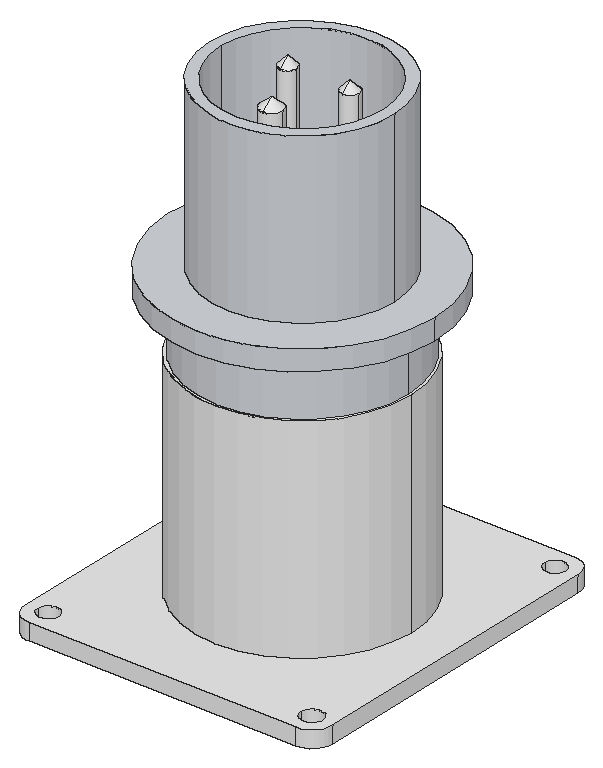
Revit family "Building-ConnessioniIEC309-GEWISS-IEC309HP-SPINE_FISSE_INC_DIRITTE_16A_IP44", category Apparecchi elettrici, host Superficie, Revit 2019
Family settings
  Host = Superficie
  Mantenere orientamento annotazione = Sì
  Quota connettore circolare = Usa diametro
  Tipo di parte = Normale
  Taglio con vuoti quando caricato = No
  Condiviso = Sì
  Punto di calcolo locali = Sì
Parameters (values of type "GW60211 - SPINA FISSA PROT.3P+N+T 16A 500V 7H")
  simbolo acceso [instance] = yes
  distanza_simbolo [instance] = 1 mm
  distanza dal piano [instance] = 10 mm
  W = 115 mm  # constant formula
  Voltaggio = 0 V
  Versione file RFA = "21.11"
  URL = "https://www.gewiss.com/it/it"
  Tipologia = "Spina fissa da incasso diritta"
  Tipo Cablaggio = "A vite"
  Termopressione con biglia = "125 °C (Parti attive) - 80 °C (Parti passive)"
  Tensione nominale = "480-500V"
  Temperatura di utilizzo = "-25 +55 °C"
  Spostamento_effettivo_S [instance] = 4000 mm - Spostamento_S  # 2680 mm
  Spostamento_S = 1320 mm
  Sovraccarico ammissibile = "22A"
  Scheda Tecnica = "https://www.gewiss.com/it/it/search?q=GW60211"
  SPinotto = Default(2)
  SEO = "Spina"
  Riferimento h = "7"
  Resistenza di isolamento = "- 10 M?"
  Resistenza agli urti = "IK08"
  Default Elevation = 1219.2 mm
  Produttore = "GEWISS S.p.A."
  Potere d'interruzione a 1,1 Un = "20A"
  Piastra = Default(2)
  N.poli = 1
  N. poli = "3P+N+T"
  N. Manovre complessive = "-5000"
  Modello = "GW60211"
  L = 155 mm  # constant formula
  Immagine tipo = (empty or 0)
  IDT = "f90ea912fd9a455ca9f627dd4e414456"
  IDF = "d881dd16-2988-4100-94aa-a5f547e0bd64"
  Grado di protezione = "IP44"
  Glow wire test: = "850 °C (Parti attive) - 650 °C (Parti passive)"
  Frequenza = "50/60 Hz"
  FORMULA = 1000 mm * 1  # 1000 mm
  Dimensioni flangia (mm) = "85x75"
  Descrizione = "SPINA FISSA PROT.3P+N+T 16A 500V 7H"
  Creato da GEWISS S.p.A. = ""
  Corrente nominale (A) = "16"
  Corpo centrale = Default(2)
  Colore: = "Nero"
  Codice Electrocod = "2230"
  Catalogo = "BUILDING"
  CapacitÃ  serraggio morsetti = "1-2,5 mm² cavi flessibili - 1,5-4 mm² cavi rigidi"
  COBie.Tagnumber = ""
  COBie.CreatedOn = ""
  COBie.CreatebBy = ""
  COBie.ComponentRegisterItemID = ""
  COBie.Component.TagNumber = ""
  COBie.Component.Space = ""
  COBie.Component.SerialNumber = ""
  COBie.Component.InstallationDate = ""
  COBie.Component.Description = ""
  COBie.Component.BarCode = ""
  BLOCCO = "B=C"
Types (11, lengths in mm): name | Tensione nominale | Scheda Tecnica | Riferimento h | N. poli | Modello | IDT | Descrizione | Colore:
  GW60201 - SPINA FISSA PROT.2P+T 16A 110V 4H | "100-130V" | "https://www.gewiss.com/it/it/search?q=GW60201" | "4" | "2P+T" | "GW60201" | "66921f32a80c43e4ab86c43f8cfce8a6" | "SPINA FISSA PROT.2P+T 16A 110V 4H" | "Giallo"
  GW60202 - SPINA FISSA PROT.3P+T 16A 110V 4H | "100-130V" | "https://www.gewiss.com/it/it/search?q=GW60202" | "4" | "3P+T" | "GW60202" | "a0a36d366dbc4436b994848e3781f962" | "SPINA FISSA PROT.3P+T 16A 110V 4H" | "Giallo"
  GW60203 - SPINA FISSA PROT.3P+N+T 16A 110V 4H | "100-130V" | "https://www.gewiss.com/it/it/search?q=GW60203" | "4" | "3P+N+T" | "GW60203" | "5c9330dddabb4daab0840838973c3d08" | "SPINA FISSA PROT.3P+N+T 16A 110V 4H" | "Giallo"
  GW60204 - SPINA FISSA PROT.2P+T 16A 230V 6H | "200-250V" | "https://www.gewiss.com/it/it/search?q=GW60204" | "6" | "2P+T" | "GW60204" | "8847835e131b4b378db3df7ed1930e0b" | "SPINA FISSA PROT.2P+T 16A 230V 6H" | "Blu"
  GW60205 - SPINA FISSA PROT.3P+T 16A 230V 9H | "200-250V" | "https://www.gewiss.com/it/it/search?q=GW60205" | "9" | "3P+T" | "GW60205" | "399ae8d0433548999c1dbb0b2a51ee40" | "SPINA FISSA PROT.3P+T 16A 230V 9H" | "Blu"
  GW60206 - SPINA FISSA PROT.3P+N+T 16A 230V 9H | "200-250V" | "https://www.gewiss.com/it/it/search?q=GW60206" | "9" | "3P+N+T" | "GW60206" | "3c615a08638e44f4b38c0345a4f63ccd" | "SPINA FISSA PROT.3P+N+T 16A 230V 9H" | "Blu"
  GW60207 - SPINA FISSA PROT.2P+T 16A 400V 9H | "380-415V" | "https://www.gewiss.com/it/it/search?q=GW60207" | "9" | "2P+T" | "GW60207" | "9e54354081dd40f18142ed2321ecc1d1" | "SPINA FISSA PROT.2P+T 16A 400V 9H" | "Rosso"
  GW60208 - SPINA FISSA PROT.3P+T 16A 400V 6H | "380-415V" | "https://www.gewiss.com/it/it/search?q=GW60208" | "6" | "3P+T" | "GW60208" | "762c58ba006948ca9edf81a3a7157c25" | "SPINA FISSA PROT.3P+T 16A 400V 6H" | "Rosso"
  GW60209 - SPINA FISSA PROT.3P+N+T 16A 400V 6H | "380-415V" | "https://www.gewiss.com/it/it/search?q=GW60209" | "6" | "3P+N+T" | "GW60209" | "a015df2d1633490aaff073fffcf2db89" | "SPINA FISSA PROT.3P+N+T 16A 400V 6H" | "Rosso"
  GW60210 - SPINA FISSA PROT.3P+T 16A 500V 7H | "480-500V" | "https://www.gewiss.com/it/it/search?q=GW60210" | "7" | "3P+T" | "GW60210" | "0f713536ec184f059aac505932125ac8" | "SPINA FISSA PROT.3P+T 16A 500V 7H" | "Nero"
  GW60211 - SPINA FISSA PROT.3P+N+T 16A 500V 7H | "480-500V" | "https://www.gewiss.com/it/it/search?q=GW60211" | "7" | "3P+N+T" | "GW60211" | "f90ea912fd9a455ca9f627dd4e414456" | "SPINA FISSA PROT.3P+N+T 16A 500V 7H" | "Nero"
Reference planes
  plane 1 "Centro (Fronte/Retro)": y = 0
  plane 2: z = 0
  plane 3 "Centro (Sinistra/Destra)": x = 0
  plane 4: x = -3000
  plane 5: x = -320
  plane 6: z = 10
Dimensions and locks
  plane 4 to plane 3 "Centro (Sinistra/Destra)" = 3000 mm
  "Spostamento_effettivo_S": plane 4 to plane 5
  "distanza dal piano": plane 6 to plane 2
  aligned and locked: plane 2 to host face
  aligned and locked: level to host face
  aligned and locked: plane 3 "Centro (Sinistra/Destra)" to nested 1
  aligned and locked: plane 1 "Centro (Fronte/Retro)" to nested 1
  aligned and locked: nested 1 to plane 6
  aligned and locked: nested 2 to plane 5
Automatic sketch dimensions
  host sketch curve to host sketch curve = 2438.4 mm  (x2)
Nested families
  nested 1: "IEC309 SPINE FISSE INCASSO DIRITTE 16A IP44.rfa_base" at (0, 0, 10), type "IEC309 SPINE FISSE INCASSO DIRITTE 16A IP44.rfa_base"
  nested 2: "simbolo_circuito_GW60201" at (-320, 171.559, 0), visible <- "simbolo acceso", Distanza dal muro <- "distanza_simbolo", type "3P"
    with SIMBOLO ACCESO yes, Distanza dal muro 1 mm
Definition of nested family "IEC309 SPINE FISSE INCASSO DIRITTE 16A IP44.rfa_base"
  Parameters (values of type "IEC309 SPINE FISSE INCASSO DIRITTE 16A IP44.rfa_base")
    Spinotto = none
    PIASTRA = none
    CENTRALE = none
  Reference planes
    plane 1 "Centro (Fronte/Retro)": y = 0
    plane 2: z = 0
    plane 3 "Centro (Sinistra/Destra)": x = 0
    plane 4 "EEE": through (4267.2, -291.041, 143.375) normal (0, -0.788, -0.6157)
    plane 5: x = 48
    plane 6: x = 75
    plane 7: y = 84.998
    plane 8: z = 4
    plane 9: y = 79.605
    plane 10: x = 69.724
    plane 11: x = 5.276
    plane 12: y = 5.392
    plane 13: y = 33.235
    plane 14: x = 37.558
    plane 15: y = 47.725
    plane 16: x = 29.918
    plane 17: x = 45.189
    plane 18: y = 42.557
    plane 19: z = 56
    plane 20: z = 70
    plane 21: z = 75
    plane 22: z = 116
    plane 23: z = 113.786
  Forms (mm)
    Extrusion 1, solid, material <- "PIASTRA"
      sketch origin (0, 0, 0) x (1, 0, 0) y (0, 1, 0)
        loop
          arc (5, 84.998) -> (1.464, 83.534) -> (0, 79.998) r 5
          line (0, 79.998) -> (0, 5)
          arc (0, 5) -> (1.464, 1.464) -> (5, 0) r 5
          line (5, 0) -> (70, 0)
          arc (70, 0) -> (73.536, 1.464) -> (75, 5) r 5
          line (75, 5) -> (75, 79.998)
          arc (75, 79.998) -> (73.536, 83.534) -> (70, 84.998) r 5
          line (70, 84.998) -> (5, 84.998)
      from 0 to 4
    Extrusion 2, void
      sketch origin (0, 0, 0) x (1, 0, 0) y (0, 1, 0)
        loop
          circle (5.276, 79.605) r 2.665
        loop
          circle (69.724, 79.605) r 2.602
        loop
          circle (69.724, 5.392) r 2.692
        loop
          circle (5.276, 5.392) r 2.603
      from 0 to 4
    Extrusion 3, solid, material <- "CENTRALE"
      sketch origin (0, 0, 0) x (1, 0, 0) y (0, 1, 0)
        loop
          circle (37.558, 42.557) r 26.675
      from 4 to 56
    Extrusion 4, solid
      sketch origin (0, 0, 0) x (1, 0, 0) y (0, 1, 0)
        loop
          circle (37.558, 42.557) r 26
      from 56 to 70
    Extrusion 5, solid
      sketch origin (0, 0, 0) x (1, 0, 0) y (0, 1, 0)
        loop
          circle (37.558, 42.557) r 32.5
      from 70 to 75
    Extrusion 6, solid
      sketch origin (0, 0, 0) x (1, 0, 0) y (0, 1, 0)
        loop
          circle (37.558, 42.557) r 22.572
        loop
          circle (37.558, 42.557) r 19.816
      from 75 to 116
    Extrusion 7, solid, material <- "Spinotto"
      sketch origin (0, 0, 0) x (1, 0, 0) y (0, 1, 0)
        loop
          circle (29.918, 47.725) r 2.069
        loop
          circle (45.189, 47.725) r 2.139
        loop
          circle (37.558, 33.235) r 2.694
      from 75 to 113.786
    Revolve 8, solid, material <- "Spinotto"
      sketch origin (37.536, -0.05, 0) x (0, 1, 0) y (0, 0, 1)
        loop
          line (33.235, 116) -> (30.541, 113.786) -> (33.235, 113.786) -> (33.235, 116)
        axis (33.235, 113.786) -> (33.235, 116)
      angle from 0 to 360
    Revolve 9, solid, material <- "Spinotto"
      sketch origin (29.895, 14.439, 0) x (0, 1, 0) y (0, 0, 1)
        loop
          line (33.285, 116.053) -> (31.146, 113.786) -> (33.285, 113.786) -> (33.285, 116.053)
        axis (33.285, 113.786) -> (33.285, 116.053)
      angle from 0 to 360
    Revolve 10, solid, material <- "Spinotto"
      sketch origin (45.167, 14.439, 0) x (0, 1, 0) y (0, 0, 1)
        loop
          line (33.285, 116.053) -> (31.146, 113.786) -> (33.285, 113.786) -> (33.285, 116.053)
        axis (33.285, 113.786) -> (33.285, 116.053)
      angle from 0 to 360
  Cuts and joins
    Extrusion 2 cuts Extrusion 1
  Dimensions and locks
    plane 3 "Centro (Sinistra/Destra)" to plane 6 = 75 mm
    plane 1 "Centro (Fronte/Retro)" to plane 7 = 84.998 mm
    locked: plane 8 to level at 4
    locked: plane 3 "Centro (Sinistra/Destra)" to plane 11 at 5.276
    locked: plane 10 to plane 6 at 5.276
    locked: plane 1 "Centro (Fronte/Retro)" to plane 12 at 5.392
    locked: plane 19 to plane 2 at 56
    locked: plane 20 to plane 19 at 14
    locked: plane 21 to plane 20 at 5
    plane 22 to level = 116 mm
    locked: plane 22 to plane 23 at 2.214
    radius of Extrusion 1 sketch curve = 5 mm  (x4)
    aligned and locked: level to plane 2
    aligned and locked: Extrusion 1 to level
    aligned and locked: plane 8 to Extrusion 1
    aligned and locked: Extrusion 2 to level
    aligned and locked: plane 8 to Extrusion 2
    aligned and locked: plane 14 to Extrusion 3 sketch curve
    aligned and locked: plane 18 to Extrusion 3 sketch curve
    aligned and locked: Extrusion 3 to plane 8
    aligned and locked: plane 19 to Extrusion 3
    aligned and locked: Extrusion 4 to plane 19
    aligned and locked: plane 20 to Extrusion 4
    aligned and locked: plane 14 to Extrusion 4 sketch curve
    aligned and locked: plane 18 to Extrusion 4 sketch curve
    aligned and locked: plane 18 to Extrusion 5 sketch curve
    aligned and locked: plane 14 to Extrusion 5 sketch curve
    aligned and locked: Extrusion 5 to plane 20
    aligned and locked: Extrusion 5 to plane 21
    aligned and locked: plane 18 to Extrusion 6 sketch curve  (x2)
    aligned and locked: plane 14 to Extrusion 6 sketch curve  (x2)
    aligned and locked: plane 21 to Extrusion 6
    aligned and locked: plane 22 to Extrusion 6
    aligned and locked: plane 15 to Extrusion 7 sketch curve  (x2)
    aligned and locked: plane 14 to Extrusion 7 sketch curve
    aligned and locked: plane 16 to Extrusion 7 sketch curve
    aligned and locked: plane 17 to Extrusion 7 sketch curve
    aligned and locked: plane 21 to Extrusion 7
    aligned and locked: plane 23 to Extrusion 7
Definition of nested family "simbolo_circuito_GW60201"
  Parameters (values of type "3P")
    SIMBOLO ACCESO [instance] = yes
    Distanza dal muro [instance] = 0 mm
  Reference planes
    plane 1: y = 0
    plane 2: x = 0
  Dimensions and locks
    "Distanza dal muro": plane 1 to nested 1
    aligned and locked: plane 2 to nested 1
  Nested families
    nested 1: "simbolo_circuito_GW60201_base" at (0, 0, 0), visible <- "SIMBOLO ACCESO", type "3P"
      with CORNICE SIMBOLO yes
  Definition of nested family "simbolo_circuito_GW60201_base"
    Parameters (values of type "3P")
      CORNICE SIMBOLO [instance] = yes
      3P = yes
    Types (2, lengths in mm): name | 3P
      3P | yes
      2P | no
    Reference planes
      plane 1: y = 0
      plane 2: x = 0
    Lines and regions (mm)
      detail lines
        curve 1: arc (0.298, 0.46, 0) -> (0, 0.758, 0) -> (-0.298, 0.46, 0) r 0.298
        curve 2: arc (0.139, 0.652, 0) -> (0, 0.731, 0) -> (-0.139, 0.652, 0) r 0.163
        curve 3: arc (-0.139, 0.106, 0) -> (0, 0.027, 0) -> (0.139, 0.106, 0) r 0.163
        curve 4: circle (0, 2.381, 0) r 0.05 normal (0, 0, 1)
        curve 5: line (0, 3.386, 0) -> (0, 0.758, 0)
        curve 6: line (-0.139, 0.652, 0) -> (-0.139, 0.106, 0)
        curve 7: line (0.139, 0.652, 0) -> (0.139, 0.106, 0)
      detail lines, not visible
        curve 8: arc (2.679, 0.46, 0) -> (2.381, 0.758, 0) -> (2.083, 0.46, 0) r 0.298
        curve 9: arc (2.52, 0.652, 0) -> (2.381, 0.731, 0) -> (2.241, 0.652, 0) r 0.163
        curve 10: arc (2.241, 0.106, 0) -> (2.381, 0.027, 0) -> (2.52, 0.106, 0) r 0.163
        curve 11: circle (2.381, 2.381, 0) r 0.05 normal (0, 0, 1)
        curve 12: line (2.381, 3.386, 0) -> (2.381, 0.758, 0)
        curve 13: line (2.241, 0.652, 0) -> (2.241, 0.106, 0)
        curve 14: line (2.52, 0.652, 0) -> (2.52, 0.106, 0)
